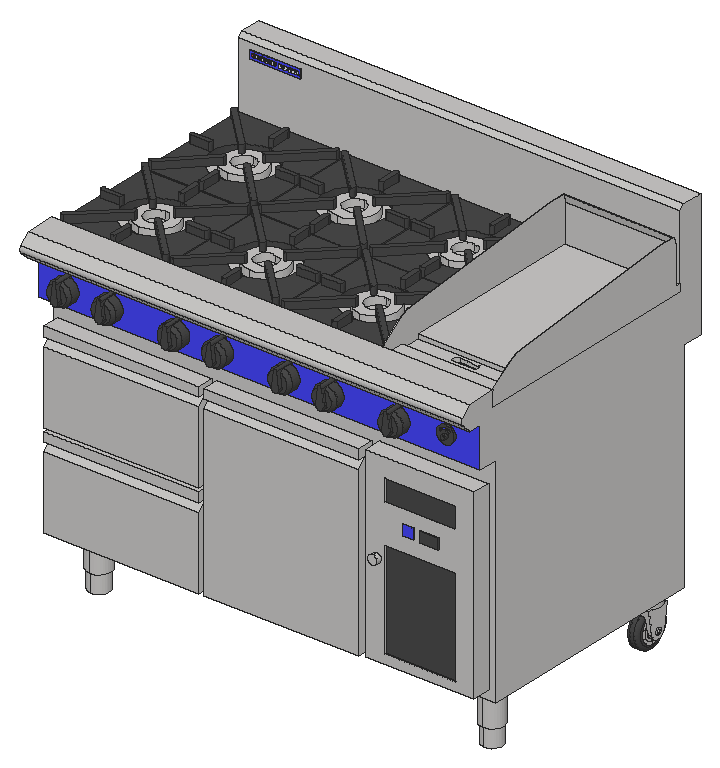
Revit family "QF_MOFFAT_BLUESEAL_AU_G518C-RB", category Specialty Equipment, Revit 2012 (continued)
Definition of nested family "WALDORF LOGO_FACE BASE"
  Forms (mm)
    Extrusion 3, solid, material "QF_Finishes_White", visible <- "Show Logo"
      sketch origin (0, -33.217, 1.588) x (1, 0, 0) y (0, 1, 0)
        loop
          arc (113.363, 23.389) -> (112.897, 23.196) -> (112.704, 22.73) r 0.658
          line (112.704, 22.73) -> (112.704, 21.258)
        loop
          line (105.071, 25.919) -> (93.771, 25.919) -> (93.771, 17.163) -> (105.071, 17.163) -> (105.071, 19.063) -> (99.535, 19.063) -> (99.535, 20.437) -> (105.071, 20.437) -> (105.071, 22.278) -> (99.535, 22.278) -> (99.535, 23.587) -> (105.071, 23.587) -> (105.071, 25.919)
        loop
          line (91.104, 25.919) -> (79.541, 25.919)
          arc (79.541, 25.919) -> (78.558, 25.513) -> (78.152, 24.53) r 1.389
          line (78.152, 24.53) -> (78.152, 22.08)
          arc (78.152, 22.08) -> (78.558, 21.098) -> (79.541, 20.691) r 1.389
          line (79.541, 20.691) -> (86.346, 20.691) -> (86.346, 18.864) -> (83.266, 18.864) -> (83.266, 19.664) -> (78.152, 19.664) -> (78.152, 18.553)
          arc (78.152, 18.553) -> (78.558, 17.57) -> (79.541, 17.163) r 1.389
          line (79.541, 17.163) -> (91.063, 17.163)
          arc (91.063, 17.163) -> (92.045, 17.57) -> (92.452, 18.553) r 1.389
          line (92.452, 18.553) -> (92.452, 20.691)
          arc (92.452, 20.691) -> (92.045, 21.673) -> (91.063, 22.08) r 1.389
          line (91.063, 22.08) -> (83.266, 22.08) -> (83.266, 23.984) -> (86.346, 23.984) -> (86.346, 22.743) -> (92.452, 22.743) -> (92.452, 24.571)
          arc (92.452, 24.571) -> (92.057, 25.524) -> (91.104, 25.919) r 1.348
        loop
          line (70.705, 25.919) -> (59.405, 25.919) -> (59.405, 17.163) -> (70.705, 17.163) -> (70.705, 19.063) -> (65.169, 19.063) -> (65.169, 20.437) -> (70.705, 20.437) -> (70.705, 22.278) -> (65.169, 22.278) -> (65.169, 23.587) -> (70.705, 23.587) -> (70.705, 25.919)
        loop
          line (57.598, 25.919) -> (51.7, 25.919) -> (51.7, 20.18)
          arc (51.7, 20.18) -> (50.63, 19.11) -> (49.56, 20.18) r 1.07
          line (49.56, 20.18) -> (49.56, 25.919) -> (43.663, 25.919) -> (43.663, 19.049)
          arc (43.663, 19.049) -> (44.215, 17.716) -> (45.548, 17.163) r 1.885
          line (45.548, 17.163) -> (55.71, 17.163)
          arc (55.71, 17.163) -> (57.045, 17.716) -> (57.598, 19.051) r 1.887
          line (57.598, 19.051) -> (57.598, 25.919)
        loop
          line (31.62, 25.919) -> (31.62, 17.163) -> (43.046, 17.163) -> (43.046, 19.129) -> (37.388, 19.129) -> (37.388, 25.919) -> (31.62, 25.919)
        loop
          line (15.969, 25.919) -> (15.969, 17.163) -> (28.693, 17.163)
          arc (28.693, 17.163) -> (29.812, 17.627) -> (30.276, 18.746) r 1.582
          line (30.276, 18.746) -> (30.276, 20.447) -> (29.48, 21.243) -> (30.276, 22.039) -> (30.276, 24.332)
          arc (30.276, 24.332) -> (29.811, 25.454) -> (28.688, 25.919) r 1.587
          line (28.688, 25.919) -> (15.969, 25.919)
        loop
          line (21.449, 24.159) -> (21.449, 22.436) -> (23.862, 22.436)
          arc (23.862, 22.436) -> (24.723, 23.298) -> (23.862, 24.159) r 0.861
          line (23.862, 24.159) -> (21.449, 24.159)
        loop
          line (21.449, 20.244) -> (21.449, 18.522) -> (23.862, 18.522)
          arc (23.862, 18.522) -> (24.723, 19.383) -> (23.862, 20.244) r 0.861
          line (23.862, 20.244) -> (21.449, 20.244)
      from 0 to 0.2
    Extrusion 4, solid, material "QF_Finishes_Blue", visible <- "Show Logo"
      sketch origin (-126.498, -31.09, 1.588) x (1, 0, 0) y (0, 1, 0)
        loop
          line (136.738, 23.522) -> (136.738, 15.1)
          arc (136.738, 15.1) -> (140.756, 19.311) -> (136.738, 23.522) r 4.216
      from 0 to 0.2
    Extrusion 5, solid, material "QF_Finishes_Red", visible <- "Show Logo"
      sketch origin (146.849, -31.09, 1.588) x (-1, 0, 0) y (0, -1, 0)
        loop
          arc (136.738, -23.522) -> (140.756, -19.311) -> (136.738, -15.1) r 4.216
          line (136.738, -15.1) -> (136.738, -23.522)
      from 0 to 0.2
  Lines and regions (mm)
    Split face 1
      outline origin (-90.35, -30.793, 1.588) x (1, 0, 0) y (0, 1, 0)
        loop
          circle (100.54, 19.013) r 4.536
  Dimensions and locks
    aligned and locked: plane 2 to Extrusion 1
    aligned and locked: level to Extrusion 1
Definition of nested family "GAS BURNER 900 & GRIDDLE 300"
  Parameters (values of type "GAS BURNER 900 & GRIDDLE 300")
    Width [instance] = 1200.0 mm
    Weight in Pounds = 0
    URL Cutsheet = ""
    Type Mark [instance] = ""
    Status [instance] = ""
    Specification by User [instance] = ""
    Specification by Manufacturer = ""
    Serial Number = ""
    Seismic Rating = ""
    SMACNA No = ""
    Revision Code [instance] = ""
    Omniclass Number and Title = ""
    NAFEM Spec ID Number = ""
    Masterspec = ""
    Item Number [instance] = ""
    Installed By [instance] = ""
    Identify Quantity as Lot [instance] = yes
    Furnished By [instance] = ""
    Foodservice Equipment Identifier [instance] = yes
    Depth [instance] = 635.0 mm
    CSI MasterFormat = ""
    CSI Master Format = ""
  Reference planes
    plane 1 "BACK": y = 0
    plane 2: z = 0
    plane 3 "LEFT": x = 0
    plane 4 "RIGHT": x = 1200
    plane 5 "FRONT": y = -635
    plane 6 "TOP": z = 142.5
    plane 7 "Center Y": x = 600
    plane 8 "Center X": y = -317.5
  Dimensions and locks
    equal spacing: plane 3 "LEFT", plane 7 "Center Y", plane 4 "RIGHT"
    "Width": plane 3 "LEFT" to plane 4 "RIGHT"
    equal spacing: plane 5 "FRONT", plane 8 "Center X", plane 1 "BACK"
    "Depth": plane 5 "FRONT" to plane 1 "BACK"
    aligned and locked: level to plane 2
  Nested families
    nested 1: "GAS BURNER 900" at (-1, 0, 0), type "GAS BURNER 900"
      with Width 900.0 mm, Type Mark "", Status "", Specification by User "", Revision Code "", Item Number "", Installed By "", Identify Quantity as Lot yes, Furnished By "", Foodservice Equipment Identifier yes, Depth 635.0 mm
    nested 2: "GAS GRIDDLE PLATE 600" at (900, -15, 0), type "GAS GRIDDLE PLATE 600"
      with Width 300.0 mm, Type Mark "", Status "", Specification by User "", Revision Code "", Item Number "", Installed By "", Identify Quantity as Lot yes, Furnished By "", Foodservice Equipment Identifier yes, Depth 620.0 mm
  Definition of nested family "GAS BURNER 900"
    Parameters (values of type "GAS BURNER 900")
      Width [instance] = 900.0 mm
      Weight in Pounds = 0
      URL Cutsheet = ""
      Type Mark [instance] = ""
      Status [instance] = ""
      Specification by User [instance] = ""
      Specification by Manufacturer = ""
      Serial Number = ""
      Seismic Rating = ""
      SMACNA No = ""
      Revision Code [instance] = ""
      Omniclass Number and Title = ""
      NAFEM Spec ID Number = ""
      Masterspec = ""
      Item Number [instance] = ""
      Installed By [instance] = ""
      Identify Quantity as Lot [instance] = yes
      Furnished By [instance] = ""
      Foodservice Equipment Identifier [instance] = yes
      Depth [instance] = 635.0 mm
      CSI MasterFormat = ""
      CSI Master Format = ""
    Reference planes
      plane 1 "BACK": y = 0
      plane 2: z = 0
      plane 3 "LEFT": x = 0
      plane 4 "RIGHT": x = 900
      plane 5 "FRONT": y = -635
      plane 6 "TOP": z = 142.5
      plane 7 "Center Y": x = 450
      plane 8 "Center X": y = -317.5
    Forms (mm)
      Extrusion 1, solid, material "QF_Finishes_Black"
        sketch origin (0, 0, 0) x (0, -1, 0) y (1, 0, 0)
          loop
            line (318.5, 4) -> (318.5, 296)
            arc (318.5, 296) -> (317.621, 298.121) -> (315.5, 299) r 3
            line (315.5, 299) -> (3, 299)
            arc (3, 299) -> (0.879, 298.121) -> (0, 296) r 3
            line (0, 296) -> (0, 4)
            arc (0, 4) -> (0.879, 1.879) -> (3, 1) r 3
            line (3, 1) -> (315.5, 1)
            arc (315.5, 1) -> (317.621, 1.879) -> (318.5, 4) r 3
          loop
            line (324.5, 1) -> (632, 1)
            arc (632, 1) -> (634.121, 1.879) -> (635, 4) r 3
            line (635, 4) -> (635, 296)
            arc (635, 296) -> (634.121, 298.121) -> (632, 299) r 3
            line (632, 299) -> (324.5, 299)
            arc (324.5, 299) -> (322.379, 298.121) -> (321.5, 296) r 3
            line (321.5, 296) -> (321.5, 4)
            arc (321.5, 4) -> (322.379, 1.879) -> (324.5, 1) r 3
          loop
            circle (168.5, 149.991) r 84.082
          loop
            circle (468.5, 149.991) r 84.082
        from 0 to 19.5
      Extrusion 2, solid, material "QF_Finishes_Black"
        sketch origin (0, 0, 19.5) x (0, -1, 0) y (1, 0, 0)
          loop
            spline (326.102, 15.153) -> (325.181, 13.924) -> (324.631, 12.47) -> (324.49, 10.89) -> (324.767, 9.292) -> (325.443, 7.786) -> (326.473, 6.473) -> (327.786, 5.443) -> (329.292, 4.767) -> (330.89, 4.49) -> (332.47, 4.631) -> (333.924, 5.181) -> (335.153, 6.102)
            line (335.153, 6.102) -> (443.076, 114.025)
            spline (443.076, 114.025) -> (443.837, 115.095) -> (444.238, 116.399) -> (444.251, 117.851) -> (443.875, 119.35) -> (443.137, 120.795) -> (442.086, 122.086) -> (440.795, 123.137) -> (439.35, 123.875) -> (437.851, 124.251) -> (436.399, 124.238) -> (435.095, 123.837) -> (434.025, 123.076)
            line (434.025, 123.076) -> (326.102, 15.153)
          loop
            spline (328.898, 156.4) -> (327.604, 156.182) -> (326.398, 155.543) -> (325.362, 154.525) -> (324.568, 153.2) -> (324.068, 151.656) -> (323.898, 150) -> (324.068, 148.344) -> (324.568, 146.8) -> (325.362, 145.475) -> (326.398, 144.457) -> (327.604, 143.818) -> (328.898, 143.6)
            line (328.898, 143.6) -> (378.102, 143.6)
            spline (378.102, 143.6) -> (379.396, 143.818) -> (380.602, 144.457) -> (381.638, 145.475) -> (382.432, 146.8) -> (382.932, 148.344) -> (383.102, 150) -> (382.932, 151.656) -> (382.432, 153.2) -> (381.638, 154.525) -> (380.602, 155.543) -> (379.396, 156.182) -> (378.102, 156.4)
            line (378.102, 156.4) -> (328.898, 156.4)
          loop
            spline (335.153, 293.898) -> (334.084, 294.659) -> (332.779, 295.059) -> (331.328, 295.072) -> (329.829, 294.697) -> (328.384, 293.959) -> (327.092, 292.908) -> (326.041, 291.616) -> (325.303, 290.171) -> (324.928, 288.672) -> (324.941, 287.221) -> (325.341, 285.916) -> (326.102, 284.847)
            line (326.102, 284.847) -> (434.025, 176.924)
            spline (434.025, 176.924) -> (435.095, 176.163) -> (436.399, 175.762) -> (437.851, 175.749) -> (439.35, 176.125) -> (440.795, 176.863) -> (442.086, 177.914) -> (443.137, 179.205) -> (443.875, 180.65) -> (444.251, 182.149) -> (444.238, 183.601) -> (443.837, 184.905) -> (443.076, 185.975)
            line (443.076, 185.975) -> (335.153, 293.898)
          loop
            line (463.6, 291.102) -> (463.6, 241.898)
            spline (463.6, 241.898) -> (463.818, 240.604) -> (464.457, 239.398) -> (465.475, 238.362) -> (466.8, 237.568) -> (468.344, 237.068) -> (470, 236.898) -> (471.656, 237.068) -> (473.2, 237.568) -> (474.525, 238.362) -> (475.543, 239.398) -> (476.182, 240.604) -> (476.4, 241.898)
            line (476.4, 241.898) -> (476.4, 291.102)
            spline (476.4, 291.102) -> (476.182, 292.396) -> (475.543, 293.602) -> (474.525, 294.638) -> (473.2, 295.432) -> (471.656, 295.932) -> (470, 296.102) -> (468.344, 295.932) -> (466.8, 295.432) -> (465.475, 294.638) -> (464.457, 293.602) -> (463.818, 292.396) -> (463.6, 291.102)
          loop
            spline (612.398, 284.847) -> (613.159, 285.916) -> (613.559, 287.221) -> (613.572, 288.672) -> (613.197, 290.171) -> (612.459, 291.616) -> (611.408, 292.908) -> (610.116, 293.959) -> (608.671, 294.697) -> (607.172, 295.072) -> (605.721, 295.059) -> (604.416, 294.659) -> (603.347, 293.898)
            line (603.347, 293.898) -> (496.924, 185.975)
            spline (496.924, 185.975) -> (496.163, 184.905) -> (495.762, 183.601) -> (495.749, 182.149) -> (496.125, 180.65) -> (496.863, 179.205) -> (497.914, 177.914) -> (499.205, 176.863) -> (500.65, 176.125) -> (502.149, 175.749) -> (503.601, 175.762) -> (504.905, 176.163) -> (505.975, 176.924)
            line (505.975, 176.924) -> (612.398, 284.847)
          loop
            spline (609.602, 143.6) -> (610.896, 143.818) -> (612.102, 144.457) -> (613.138, 145.475) -> (613.932, 146.8) -> (614.432, 148.344) -> (614.602, 150) -> (614.432, 151.656) -> (613.932, 153.2) -> (613.138, 154.525) -> (612.102, 155.543) -> (610.896, 156.182) -> (609.602, 156.4)
            line (609.602, 156.4) -> (561.898, 156.4)
            spline (561.898, 156.4) -> (560.604, 156.182) -> (559.398, 155.543) -> (558.362, 154.525) -> (557.568, 153.2) -> (557.068, 151.656) -> (556.898, 150) -> (557.068, 148.344) -> (557.568, 146.8) -> (558.362, 145.475) -> (559.398, 144.457) -> (560.604, 143.818) -> (561.898, 143.6)
            line (561.898, 143.6) -> (609.602, 143.6)
          loop
            line (612.398, 15.153) -> (505.975, 123.076)
            spline (505.975, 123.076) -> (504.905, 123.837) -> (503.601, 124.238) -> (502.149, 124.251) -> (500.65, 123.875) -> (499.205, 123.137) -> (497.914, 122.086) -> (496.863, 120.795) -> (496.125, 119.35) -> (495.749, 117.851) -> (495.762, 116.399) -> (496.163, 115.095) -> (496.924, 114.025)
            line (496.924, 114.025) -> (603.347, 6.102)
            spline (603.347, 6.102) -> (604.416, 5.341) -> (605.721, 4.941) -> (607.172, 4.928) -> (608.671, 5.303) -> (610.116, 6.041) -> (611.408, 7.092) -> (612.459, 8.384) -> (613.197, 9.829) -> (613.572, 11.328) -> (613.559, 12.779) -> (613.159, 14.084) -> (612.398, 15.153)
          loop
            line (476.4, 8.898) -> (476.4, 58.102)
            spline (476.4, 58.102) -> (476.182, 59.396) -> (475.543, 60.602) -> (474.525, 61.638) -> (473.2, 62.432) -> (471.656, 62.932) -> (470, 63.102) -> (468.344, 62.932) -> (466.8, 62.432) -> (465.475, 61.638) -> (464.457, 60.602) -> (463.818, 59.396) -> (463.6, 58.102)
            line (463.6, 58.102) -> (463.6, 8.898)
            spline (463.6, 8.898) -> (463.818, 7.604) -> (464.457, 6.398) -> (465.475, 5.362) -> (466.8, 4.568) -> (468.344, 4.068) -> (470, 3.898) -> (471.656, 4.068) -> (473.2, 4.568) -> (474.525, 5.362) -> (475.543, 6.398) -> (476.182, 7.604) -> (476.4, 8.898)
          loop
            spline (22.602, 15.153) -> (21.681, 13.924) -> (21.131, 12.47) -> (20.99, 10.89) -> (21.267, 9.292) -> (21.943, 7.786) -> (22.973, 6.473) -> (24.286, 5.443) -> (25.792, 4.767) -> (27.39, 4.49) -> (28.97, 4.631) -> (30.424, 5.181) -> (31.653, 6.102)
            line (31.653, 6.102) -> (139.576, 114.025)
            spline (139.576, 114.025) -> (140.337, 115.095) -> (140.738, 116.399) -> (140.751, 117.851) -> (140.375, 119.35) -> (139.637, 120.795) -> (138.586, 122.086) -> (137.295, 123.137) -> (135.85, 123.875) -> (134.351, 124.251) -> (132.899, 124.238) -> (131.595, 123.837) -> (130.525, 123.076)
            line (130.525, 123.076) -> (22.602, 15.153)
          loop
            spline (25.398, 156.4) -> (24.104, 156.182) -> (22.898, 155.543) -> (21.862, 154.525) -> (21.068, 153.2) -> (20.568, 151.656) -> (20.398, 150) -> (20.568, 148.344) -> (21.068, 146.8) -> (21.862, 145.475) -> (22.898, 144.457) -> (24.104, 143.818) -> (25.398, 143.6)
            line (25.398, 143.6) -> (74.602, 143.6)
            spline (74.602, 143.6) -> (75.896, 143.818) -> (77.102, 144.457) -> (78.138, 145.475) -> (78.932, 146.8) -> (79.432, 148.344) -> (79.602, 150) -> (79.432, 151.656) -> (78.932, 153.2) -> (78.138, 154.525) -> (77.102, 155.543) -> (75.896, 156.182) -> (74.602, 156.4)
            line (74.602, 156.4) -> (25.398, 156.4)
          loop
            spline (31.653, 293.898) -> (30.584, 294.659) -> (29.279, 295.059) -> (27.828, 295.072) -> (26.329, 294.697) -> (24.884, 293.959) -> (23.592, 292.908) -> (22.541, 291.616) -> (21.803, 290.171) -> (21.428, 288.672) -> (21.441, 287.221) -> (21.841, 285.916) -> (22.602, 284.847)
            line (22.602, 284.847) -> (130.525, 176.924)
            spline (130.525, 176.924) -> (131.595, 176.163) -> (132.899, 175.762) -> (134.351, 175.749) -> (135.85, 176.125) -> (137.295, 176.863) -> (138.586, 177.914) -> (139.637, 179.205) -> (140.375, 180.65) -> (140.751, 182.149) -> (140.738, 183.601) -> (140.337, 184.905) -> (139.576, 185.975)
            line (139.576, 185.975) -> (31.653, 293.898)
          loop
            line (160.1, 291.102) -> (160.1, 241.898)
            spline (160.1, 241.898) -> (160.318, 240.604) -> (160.957, 239.398) -> (161.975, 238.362) -> (163.3, 237.568) -> (164.844, 237.068) -> (166.5, 236.898) -> (168.156, 237.068) -> (169.7, 237.568) -> (171.025, 238.362) -> (172.043, 239.398) -> (172.682, 240.604) -> (172.9, 241.898)
            line (172.9, 241.898) -> (172.9, 291.102)
            spline (172.9, 291.102) -> (172.682, 292.396) -> (172.043, 293.602) -> (171.025, 294.638) -> (169.7, 295.432) -> (168.156, 295.932) -> (166.5, 296.102) -> (164.844, 295.932) -> (163.3, 295.432) -> (161.975, 294.638) -> (160.957, 293.602) -> (160.318, 292.396) -> (160.1, 291.102)
          loop
            spline (313.898, 284.847) -> (314.659, 285.916) -> (315.059, 287.221) -> (315.072, 288.672) -> (314.697, 290.171) -> (313.959, 291.616) -> (312.908, 292.908) -> (311.616, 293.959) -> (310.171, 294.697) -> (308.672, 295.072) -> (307.221, 295.059) -> (305.916, 294.659) -> (304.847, 293.898)
            line (304.847, 293.898) -> (193.424, 185.975)
            spline (193.424, 185.975) -> (192.663, 184.905) -> (192.262, 183.601) -> (192.249, 182.149) -> (192.625, 180.65) -> (193.363, 179.205) -> (194.414, 177.914) -> (195.705, 176.863) -> (197.15, 176.125) -> (198.649, 175.749) -> (200.101, 175.762) -> (201.405, 176.163) -> (202.475, 176.924)
            line (202.475, 176.924) -> (313.898, 284.847)
          loop
            spline (311.102, 143.6) -> (312.396, 143.818) -> (313.602, 144.457) -> (314.638, 145.475) -> (315.432, 146.8) -> (315.932, 148.344) -> (316.102, 150) -> (315.932, 151.656) -> (315.432, 153.2) -> (314.638, 154.525) -> (313.602, 155.543) -> (312.396, 156.182) -> (311.102, 156.4)
            line (311.102, 156.4) -> (261.898, 156.4)
            spline (261.898, 156.4) -> (260.604, 156.182) -> (259.398, 155.543) -> (258.362, 154.525) -> (257.568, 153.2) -> (257.068, 151.656) -> (256.898, 150) -> (257.068, 148.344) -> (257.568, 146.8) -> (258.362, 145.475) -> (259.398, 144.457) -> (260.604, 143.818) -> (261.898, 143.6)
            line (261.898, 143.6) -> (311.102, 143.6)
          loop
            line (313.898, 15.153) -> (202.475, 123.076)
            spline (202.475, 123.076) -> (201.405, 123.837) -> (200.101, 124.238) -> (198.649, 124.251) -> (197.15, 123.875) -> (195.705, 123.137) -> (194.414, 122.086) -> (193.363, 120.795) -> (192.625, 119.35) -> (192.249, 117.851) -> (192.262, 116.399) -> (192.663, 115.095) -> (193.424, 114.025)
            line (193.424, 114.025) -> (304.847, 6.102)
            spline (304.847, 6.102) -> (305.916, 5.341) -> (307.221, 4.941) -> (308.672, 4.928) -> (310.171, 5.303) -> (311.616, 6.041) -> (312.908, 7.092) -> (313.959, 8.384) -> (314.697, 9.829) -> (315.072, 11.328) -> (315.059, 12.779) -> (314.659, 14.084) -> (313.898, 15.153)
          loop
            line (172.9, 8.898) -> (172.9, 58.102)
            spline (172.9, 58.102) -> (172.682, 59.396) -> (172.043, 60.602) -> (171.025, 61.638) -> (169.7, 62.432) -> (168.156, 62.932) -> (166.5, 63.102) -> (164.844, 62.932) -> (163.3, 62.432) -> (161.975, 61.638) -> (160.957, 60.602) -> (160.318, 59.396) -> (160.1, 58.102)
            line (160.1, 58.102) -> (160.1, 8.898)
            spline (160.1, 8.898) -> (160.318, 7.604) -> (160.957, 6.398) -> (161.975, 5.362) -> (163.3, 4.568) -> (164.844, 4.068) -> (166.5, 3.898) -> (168.156, 4.068) -> (169.7, 4.568) -> (171.025, 5.362) -> (172.043, 6.398) -> (172.682, 7.604) -> (172.9, 8.898)
        from 0 to 20.5
      Extrusion 3, solid, material "QF_Finishes_Stainless Steel"
        sketch origin (0, -15.098, 0) x (0, -1, 0) y (1, 0, 0)
          loop
            circle (151.402, 150) r 57
          loop
            circle (451.402, 150) r 57
          loop
            circle (151.402, 150) r 30
          loop
            circle (451.402, 150) r 30
        from 0 to 20
      Extrusion 4, solid, material "QF_Finishes_Black"
        sketch origin (600, 0, 0) x (0, -1, 0) y (1, 0, 0)
          loop
            arc (318.5, -4) -> (317.621, -1.879) -> (315.5, -1) r 3
            line (315.5, -1) -> (3, -1)
            arc (3, -1) -> (0.879, -1.879) -> (0, -4) r 3
            line (0, -4) -> (0, -296)
            arc (0, -296) -> (0.879, -298.121) -> (3, -299) r 3
            line (3, -299) -> (315.5, -299)
            arc (315.5, -299) -> (317.621, -298.121) -> (318.5, -296) r 3
            line (318.5, -296) -> (318.5, -4)
          loop
            arc (324.5, -1) -> (322.379, -1.879) -> (321.5, -4) r 3
            line (321.5, -4) -> (321.5, -296)
            arc (321.5, -296) -> (322.379, -298.121) -> (324.5, -299) r 3
            line (324.5, -299) -> (632, -299)
            arc (632, -299) -> (634.121, -298.121) -> (635, -296) r 3
            line (635, -296) -> (635, -4)
            arc (635, -4) -> (634.121, -1.879) -> (632, -1) r 3
            line (632, -1) -> (324.5, -1)
          loop
            circle (168.5, -149.991) r 84.082
          loop
            circle (468.5, -149.991) r 84.082
        from 0 to 19.5
      Extrusion 5, solid, material "QF_Finishes_Black"
        sketch origin (600, 0, 19.5) x (0, -1, 0) y (1, 0, 0)
          loop
            line (326.102, -15.153) -> (434.025, -123.076)
            spline (434.025, -123.076) -> (435.095, -123.837) -> (436.399, -124.238) -> (437.851, -124.251) -> (439.35, -123.875) -> (440.795, -123.137) -> (442.086, -122.086) -> (443.137, -120.795) -> (443.875, -119.35) -> (444.251, -117.851) -> (444.238, -116.399) -> (443.837, -115.095) -> (443.076, -114.025)
            line (443.076, -114.025) -> (335.153, -6.102)
            spline (335.153, -6.102) -> (333.924, -5.181) -> (332.47, -4.631) -> (330.89, -4.49) -> (329.292, -4.767) -> (327.786, -5.443) -> (326.473, -6.473) -> (325.443, -7.786) -> (324.767, -9.292) -> (324.49, -10.89) -> (324.631, -12.47) -> (325.181, -13.924) -> (326.102, -15.153)
          loop
            line (328.898, -156.4) -> (378.102, -156.4)
            spline (378.102, -156.4) -> (379.396, -156.182) -> (380.602, -155.543) -> (381.638, -154.525) -> (382.432, -153.2) -> (382.932, -151.656) -> (383.102, -150) -> (382.932, -148.344) -> (382.432, -146.8) -> (381.638, -145.475) -> (380.602, -144.457) -> (379.396, -143.818) -> (378.102, -143.6)
            line (378.102, -143.6) -> (328.898, -143.6)
            spline (328.898, -143.6) -> (327.604, -143.818) -> (326.398, -144.457) -> (325.362, -145.475) -> (324.568, -146.8) -> (324.068, -148.344) -> (323.898, -150) -> (324.068, -151.656) -> (324.568, -153.2) -> (325.362, -154.525) -> (326.398, -155.543) -> (327.604, -156.182) -> (328.898, -156.4)
          loop
            line (335.153, -293.898) -> (443.076, -185.975)
            spline (443.076, -185.975) -> (443.837, -184.905) -> (444.238, -183.601) -> (444.251, -182.149) -> (443.875, -180.65) -> (443.137, -179.205) -> (442.086, -177.914) -> (440.795, -176.863) -> (439.35, -176.125) -> (437.851, -175.749) -> (436.399, -175.762) -> (435.095, -176.163) -> (434.025, -176.924)
            line (434.025, -176.924) -> (326.102, -284.847)
            spline (326.102, -284.847) -> (325.341, -285.916) -> (324.941, -287.221) -> (324.928, -288.672) -> (325.303, -290.171) -> (326.041, -291.616) -> (327.092, -292.908) -> (328.384, -293.959) -> (329.829, -294.697) -> (331.328, -295.072) -> (332.779, -295.059) -> (334.084, -294.659) -> (335.153, -293.898)
          loop
            spline (463.6, -291.102) -> (463.818, -292.396) -> (464.457, -293.602) -> (465.475, -294.638) -> (466.8, -295.432) -> (468.344, -295.932) -> (470, -296.102) -> (471.656, -295.932) -> (473.2, -295.432) -> (474.525, -294.638) -> (475.543, -293.602) -> (476.182, -292.396) -> (476.4, -291.102)
            line (476.4, -291.102) -> (476.4, -241.898)
            spline (476.4, -241.898) -> (476.182, -240.604) -> (475.543, -239.398) -> (474.525, -238.362) -> (473.2, -237.568) -> (471.656, -237.068) -> (470, -236.898) -> (468.344, -237.068) -> (466.8, -237.568) -> (465.475, -238.362) -> (464.457, -239.398) -> (463.818, -240.604) -> (463.6, -241.898)
            line (463.6, -241.898) -> (463.6, -291.102)
          loop
            line (612.398, -284.847) -> (505.975, -176.924)
            spline (505.975, -176.924) -> (504.905, -176.163) -> (503.601, -175.762) -> (502.149, -175.749) -> (500.65, -176.125) -> (499.205, -176.863) -> (497.914, -177.914) -> (496.863, -179.205) -> (496.125, -180.65) -> (495.749, -182.149) -> (495.762, -183.601) -> (496.163, -184.905) -> (496.924, -185.975)
            line (496.924, -185.975) -> (603.347, -293.898)
            spline (603.347, -293.898) -> (604.416, -294.659) -> (605.721, -295.059) -> (607.172, -295.072) -> (608.671, -294.697) -> (610.116, -293.959) -> (611.408, -292.908) -> (612.459, -291.616) -> (613.197, -290.171) -> (613.572, -288.672) -> (613.559, -287.221) -> (613.159, -285.916) -> (612.398, -284.847)
          loop
            line (609.602, -143.6) -> (561.898, -143.6)
            spline (561.898, -143.6) -> (560.604, -143.818) -> (559.398, -144.457) -> (558.362, -145.475) -> (557.568, -146.8) -> (557.068, -148.344) -> (556.898, -150) -> (557.068, -151.656) -> (557.568, -153.2) -> (558.362, -154.525) -> (559.398, -155.543) -> (560.604, -156.182) -> (561.898, -156.4)
            line (561.898, -156.4) -> (609.602, -156.4)
            spline (609.602, -156.4) -> (610.896, -156.182) -> (612.102, -155.543) -> (613.138, -154.525) -> (613.932, -153.2) -> (614.432, -151.656) -> (614.602, -150) -> (614.432, -148.344) -> (613.932, -146.8) -> (613.138, -145.475) -> (612.102, -144.457) -> (610.896, -143.818) -> (609.602, -143.6)
          loop
            spline (612.398, -15.153) -> (613.159, -14.084) -> (613.559, -12.779) -> (613.572, -11.328) -> (613.197, -9.829) -> (612.459, -8.384) -> (611.408, -7.092) -> (610.116, -6.041) -> (608.671, -5.303) -> (607.172, -4.928) -> (605.721, -4.941) -> (604.416, -5.341) -> (603.347, -6.102)
            line (603.347, -6.102) -> (496.924, -114.025)
            spline (496.924, -114.025) -> (496.163, -115.095) -> (495.762, -116.399) -> (495.749, -117.851) -> (496.125, -119.35) -> (496.863, -120.795) -> (497.914, -122.086) -> (499.205, -123.137) -> (500.65, -123.875) -> (502.149, -124.251) -> (503.601, -124.238) -> (504.905, -123.837) -> (505.975, -123.076)
            line (505.975, -123.076) -> (612.398, -15.153)
          loop
            spline (476.4, -8.898) -> (476.182, -7.604) -> (475.543, -6.398) -> (474.525, -5.362) -> (473.2, -4.568) -> (471.656, -4.068) -> (470, -3.898) -> (468.344, -4.068) -> (466.8, -4.568) -> (465.475, -5.362) -> (464.457, -6.398) -> (463.818, -7.604) -> (463.6, -8.898)
            line (463.6, -8.898) -> (463.6, -58.102)
            spline (463.6, -58.102) -> (463.818, -59.396) -> (464.457, -60.602) -> (465.475, -61.638) -> (466.8, -62.432) -> (468.344, -62.932) -> (470, -63.102) -> (471.656, -62.932) -> (473.2, -62.432) -> (474.525, -61.638) -> (475.543, -60.602) -> (476.182, -59.396) -> (476.4, -58.102)
            line (476.4, -58.102) -> (476.4, -8.898)
          loop
            line (22.602, -15.153) -> (130.525, -123.076)
            spline (130.525, -123.076) -> (131.595, -123.837) -> (132.899, -124.238) -> (134.351, -124.251) -> (135.85, -123.875) -> (137.295, -123.137) -> (138.586, -122.086) -> (139.637, -120.795) -> (140.375, -119.35) -> (140.751, -117.851) -> (140.738, -116.399) -> (140.337, -115.095) -> (139.576, -114.025)
            line (139.576, -114.025) -> (31.653, -6.102)
            spline (31.653, -6.102) -> (30.424, -5.181) -> (28.97, -4.631) -> (27.39, -4.49) -> (25.792, -4.767) -> (24.286, -5.443) -> (22.973, -6.473) -> (21.943, -7.786) -> (21.267, -9.292) -> (20.99, -10.89) -> (21.131, -12.47) -> (21.681, -13.924) -> (22.602, -15.153)
          loop
            line (25.398, -156.4) -> (74.602, -156.4)
            spline (74.602, -156.4) -> (75.896, -156.182) -> (77.102, -155.543) -> (78.138, -154.525) -> (78.932, -153.2) -> (79.432, -151.656) -> (79.602, -150) -> (79.432, -148.344) -> (78.932, -146.8) -> (78.138, -145.475) -> (77.102, -144.457) -> (75.896, -143.818) -> (74.602, -143.6)
            line (74.602, -143.6) -> (25.398, -143.6)
            spline (25.398, -143.6) -> (24.104, -143.818) -> (22.898, -144.457) -> (21.862, -145.475) -> (21.068, -146.8) -> (20.568, -148.344) -> (20.398, -150) -> (20.568, -151.656) -> (21.068, -153.2) -> (21.862, -154.525) -> (22.898, -155.543) -> (24.104, -156.182) -> (25.398, -156.4)
          loop
            line (31.653, -293.898) -> (139.576, -185.975)
            spline (139.576, -185.975) -> (140.337, -184.905) -> (140.738, -183.601) -> (140.751, -182.149) -> (140.375, -180.65) -> (139.637, -179.205) -> (138.586, -177.914) -> (137.295, -176.863) -> (135.85, -176.125) -> (134.351, -175.749) -> (132.899, -175.762) -> (131.595, -176.163) -> (130.525, -176.924)
            line (130.525, -176.924) -> (22.602, -284.847)
            spline (22.602, -284.847) -> (21.841, -285.916) -> (21.441, -287.221) -> (21.428, -288.672) -> (21.803, -290.171) -> (22.541, -291.616) -> (23.592, -292.908) -> (24.884, -293.959) -> (26.329, -294.697) -> (27.828, -295.072) -> (29.279, -295.059) -> (30.584, -294.659) -> (31.653, -293.898)
          loop
            spline (160.1, -291.102) -> (160.318, -292.396) -> (160.957, -293.602) -> (161.975, -294.638) -> (163.3, -295.432) -> (164.844, -295.932) -> (166.5, -296.102) -> (168.156, -295.932) -> (169.7, -295.432) -> (171.025, -294.638) -> (172.043, -293.602) -> (172.682, -292.396) -> (172.9, -291.102)
            line (172.9, -291.102) -> (172.9, -241.898)
            spline (172.9, -241.898) -> (172.682, -240.604) -> (172.043, -239.398) -> (171.025, -238.362) -> (169.7, -237.568) -> (168.156, -237.068) -> (166.5, -236.898) -> (164.844, -237.068) -> (163.3, -237.568) -> (161.975, -238.362) -> (160.957, -239.398) -> (160.318, -240.604) -> (160.1, -241.898)
            line (160.1, -241.898) -> (160.1, -291.102)
          loop
            line (313.898, -284.847) -> (202.475, -176.924)
            spline (202.475, -176.924) -> (201.405, -176.163) -> (200.101, -175.762) -> (198.649, -175.749) -> (197.15, -176.125) -> (195.705, -176.863) -> (194.414, -177.914) -> (193.363, -179.205) -> (192.625, -180.65) -> (192.249, -182.149) -> (192.262, -183.601) -> (192.663, -184.905) -> (193.424, -185.975)
            line (193.424, -185.975) -> (304.847, -293.898)
            spline (304.847, -293.898) -> (305.916, -294.659) -> (307.221, -295.059) -> (308.672, -295.072) -> (310.171, -294.697) -> (311.616, -293.959) -> (312.908, -292.908) -> (313.959, -291.616) -> (314.697, -290.171) -> (315.072, -288.672) -> (315.059, -287.221) -> (314.659, -285.916) -> (313.898, -284.847)
          loop
            line (311.102, -143.6) -> (261.898, -143.6)
            spline (261.898, -143.6) -> (260.604, -143.818) -> (259.398, -144.457) -> (258.362, -145.475) -> (257.568, -146.8) -> (257.068, -148.344) -> (256.898, -150) -> (257.068, -151.656) -> (257.568, -153.2) -> (258.362, -154.525) -> (259.398, -155.543) -> (260.604, -156.182) -> (261.898, -156.4)
            line (261.898, -156.4) -> (311.102, -156.4)
            spline (311.102, -156.4) -> (312.396, -156.182) -> (313.602, -155.543) -> (314.638, -154.525) -> (315.432, -153.2) -> (315.932, -151.656) -> (316.102, -150) -> (315.932, -148.344) -> (315.432, -146.8) -> (314.638, -145.475) -> (313.602, -144.457) -> (312.396, -143.818) -> (311.102, -143.6)
          loop
            spline (313.898, -15.153) -> (314.659, -14.084) -> (315.059, -12.779) -> (315.072, -11.328) -> (314.697, -9.829) -> (313.959, -8.384) -> (312.908, -7.092) -> (311.616, -6.041) -> (310.171, -5.303) -> (308.672, -4.928) -> (307.221, -4.941) -> (305.916, -5.341) -> (304.847, -6.102)
            line (304.847, -6.102) -> (193.424, -114.025)
            spline (193.424, -114.025) -> (192.663, -115.095) -> (192.262, -116.399) -> (192.249, -117.851) -> (192.625, -119.35) -> (193.363, -120.795) -> (194.414, -122.086) -> (195.705, -123.137) -> (197.15, -123.875) -> (198.649, -124.251) -> (200.101, -124.238) -> (201.405, -123.837) -> (202.475, -123.076)
            line (202.475, -123.076) -> (313.898, -15.153)
          loop
            spline (172.9, -8.898) -> (172.682, -7.604) -> (172.043, -6.398) -> (171.025, -5.362) -> (169.7, -4.568) -> (168.156, -4.068) -> (166.5, -3.898) -> (164.844, -4.068) -> (163.3, -4.568) -> (161.975, -5.362) -> (160.957, -6.398) -> (160.318, -7.604) -> (160.1, -8.898)
            line (160.1, -8.898) -> (160.1, -58.102)
            spline (160.1, -58.102) -> (160.318, -59.396) -> (160.957, -60.602) -> (161.975, -61.638) -> (163.3, -62.432) -> (164.844, -62.932) -> (166.5, -63.102) -> (168.156, -62.932) -> (169.7, -62.432) -> (171.025, -61.638) -> (172.043, -60.602) -> (172.682, -59.396) -> (172.9, -58.102)
            line (172.9, -58.102) -> (172.9, -8.898)
        from 0 to 20.5
      Extrusion 6, solid, material "QF_Finishes_Stainless Steel"
        sketch origin (600, -15.098, 0) x (0, -1, 0) y (1, 0, 0)
          loop
            circle (151.402, -150) r 57
          loop
            circle (451.402, -150) r 57
          loop
            circle (151.402, -150) r 30
          loop
            circle (451.402, -150) r 30
        from 0 to 20
      Extrusion 7, solid, material "QF_Finishes_Black"
        sketch origin (901, 0, 19.5) x (0, -1, 0) y (1, 0, 0)
          loop
            line (326.102, -15.153) -> (434.025, -123.076)
            spline (434.025, -123.076) -> (435.095, -123.837) -> (436.399, -124.238) -> (437.851, -124.251) -> (439.35, -123.875) -> (440.795, -123.137) -> (442.086, -122.086) -> (443.137, -120.795) -> (443.875, -119.35) -> (444.251, -117.851) -> (444.238, -116.399) -> (443.837, -115.095) -> (443.076, -114.025)
            line (443.076, -114.025) -> (335.153, -6.102)
            spline (335.153, -6.102) -> (333.924, -5.181) -> (332.47, -4.631) -> (330.89, -4.49) -> (329.292, -4.767) -> (327.786, -5.443) -> (326.473, -6.473) -> (325.443, -7.786) -> (324.767, -9.292) -> (324.49, -10.89) -> (324.631, -12.47) -> (325.181, -13.924) -> (326.102, -15.153)
          loop
            line (328.898, -156.4) -> (378.102, -156.4)
            spline (378.102, -156.4) -> (379.396, -156.182) -> (380.602, -155.543) -> (381.638, -154.525) -> (382.432, -153.2) -> (382.932, -151.656) -> (383.102, -150) -> (382.932, -148.344) -> (382.432, -146.8) -> (381.638, -145.475) -> (380.602, -144.457) -> (379.396, -143.818) -> (378.102, -143.6)
            line (378.102, -143.6) -> (328.898, -143.6)
            spline (328.898, -143.6) -> (327.604, -143.818) -> (326.398, -144.457) -> (325.362, -145.475) -> (324.568, -146.8) -> (324.068, -148.344) -> (323.898, -150) -> (324.068, -151.656) -> (324.568, -153.2) -> (325.362, -154.525) -> (326.398, -155.543) -> (327.604, -156.182) -> (328.898, -156.4)
          loop
            line (335.153, -293.898) -> (443.076, -185.975)
            spline (443.076, -185.975) -> (443.837, -184.905) -> (444.238, -183.601) -> (444.251, -182.149) -> (443.875, -180.65) -> (443.137, -179.205) -> (442.086, -177.914) -> (440.795, -176.863) -> (439.35, -176.125) -> (437.851, -175.749) -> (436.399, -175.762) -> (435.095, -176.163) -> (434.025, -176.924)
            line (434.025, -176.924) -> (326.102, -284.847)
            spline (326.102, -284.847) -> (325.341, -285.916) -> (324.941, -287.221) -> (324.928, -288.672) -> (325.303, -290.171) -> (326.041, -291.616) -> (327.092, -292.908) -> (328.384, -293.959) -> (329.829, -294.697) -> (331.328, -295.072) -> (332.779, -295.059) -> (334.084, -294.659) -> (335.153, -293.898)
          loop
            spline (463.6, -291.102) -> (463.818, -292.396) -> (464.457, -293.602) -> (465.475, -294.638) -> (466.8, -295.432) -> (468.344, -295.932) -> (470, -296.102) -> (471.656, -295.932) -> (473.2, -295.432) -> (474.525, -294.638) -> (475.543, -293.602) -> (476.182, -292.396) -> (476.4, -291.102)
            line (476.4, -291.102) -> (476.4, -241.898)
            spline (476.4, -241.898) -> (476.182, -240.604) -> (475.543, -239.398) -> (474.525, -238.362) -> (473.2, -237.568) -> (471.656, -237.068) -> (470, -236.898) -> (468.344, -237.068) -> (466.8, -237.568) -> (465.475, -238.362) -> (464.457, -239.398) -> (463.818, -240.604) -> (463.6, -241.898)
            line (463.6, -241.898) -> (463.6, -291.102)
          loop
            line (612.398, -284.847) -> (505.975, -176.924)
            spline (505.975, -176.924) -> (504.905, -176.163) -> (503.601, -175.762) -> (502.149, -175.749) -> (500.65, -176.125) -> (499.205, -176.863) -> (497.914, -177.914) -> (496.863, -179.205) -> (496.125, -180.65) -> (495.749, -182.149) -> (495.762, -183.601) -> (496.163, -184.905) -> (496.924, -185.975)
            line (496.924, -185.975) -> (603.347, -293.898)
            spline (603.347, -293.898) -> (604.416, -294.659) -> (605.721, -295.059) -> (607.172, -295.072) -> (608.671, -294.697) -> (610.116, -293.959) -> (611.408, -292.908) -> (612.459, -291.616) -> (613.197, -290.171) -> (613.572, -288.672) -> (613.559, -287.221) -> (613.159, -285.916) -> (612.398, -284.847)
          loop
            line (609.602, -143.6) -> (561.898, -143.6)
            spline (561.898, -143.6) -> (560.604, -143.818) -> (559.398, -144.457) -> (558.362, -145.475) -> (557.568, -146.8) -> (557.068, -148.344) -> (556.898, -150) -> (557.068, -151.656) -> (557.568, -153.2) -> (558.362, -154.525) -> (559.398, -155.543) -> (560.604, -156.182) -> (561.898, -156.4)
            line (561.898, -156.4) -> (609.602, -156.4)
            spline (609.602, -156.4) -> (610.896, -156.182) -> (612.102, -155.543) -> (613.138, -154.525) -> (613.932, -153.2) -> (614.432, -151.656) -> (614.602, -150) -> (614.432, -148.344) -> (613.932, -146.8) -> (613.138, -145.475) -> (612.102, -144.457) -> (610.896, -143.818) -> (609.602, -143.6)
          loop
            spline (612.398, -15.153) -> (613.159, -14.084) -> (613.559, -12.779) -> (613.572, -11.328) -> (613.197, -9.829) -> (612.459, -8.384) -> (611.408, -7.092) -> (610.116, -6.041) -> (608.671, -5.303) -> (607.172, -4.928) -> (605.721, -4.941) -> (604.416, -5.341) -> (603.347, -6.102)
            line (603.347, -6.102) -> (496.924, -114.025)
            spline (496.924, -114.025) -> (496.163, -115.095) -> (495.762, -116.399) -> (495.749, -117.851) -> (496.125, -119.35) -> (496.863, -120.795) -> (497.914, -122.086) -> (499.205, -123.137) -> (500.65, -123.875) -> (502.149, -124.251) -> (503.601, -124.238) -> (504.905, -123.837) -> (505.975, -123.076)
            line (505.975, -123.076) -> (612.398, -15.153)
          loop
            spline (476.4, -8.898) -> (476.182, -7.604) -> (475.543, -6.398) -> (474.525, -5.362) -> (473.2, -4.568) -> (471.656, -4.068) -> (470, -3.898) -> (468.344, -4.068) -> (466.8, -4.568) -> (465.475, -5.362) -> (464.457, -6.398) -> (463.818, -7.604) -> (463.6, -8.898)
            line (463.6, -8.898) -> (463.6, -58.102)
            spline (463.6, -58.102) -> (463.818, -59.396) -> (464.457, -60.602) -> (465.475, -61.638) -> (466.8, -62.432) -> (468.344, -62.932) -> (470, -63.102) -> (471.656, -62.932) -> (473.2, -62.432) -> (474.525, -61.638) -> (475.543, -60.602) -> (476.182, -59.396) -> (476.4, -58.102)
            line (476.4, -58.102) -> (476.4, -8.898)
          loop
            line (22.602, -15.153) -> (130.525, -123.076)
            spline (130.525, -123.076) -> (131.595, -123.837) -> (132.899, -124.238) -> (134.351, -124.251) -> (135.85, -123.875) -> (137.295, -123.137) -> (138.586, -122.086) -> (139.637, -120.795) -> (140.375, -119.35) -> (140.751, -117.851) -> (140.738, -116.399) -> (140.337, -115.095) -> (139.576, -114.025)
            line (139.576, -114.025) -> (31.653, -6.102)
            spline (31.653, -6.102) -> (30.424, -5.181) -> (28.97, -4.631) -> (27.39, -4.49) -> (25.792, -4.767) -> (24.286, -5.443) -> (22.973, -6.473) -> (21.943, -7.786) -> (21.267, -9.292) -> (20.99, -10.89) -> (21.131, -12.47) -> (21.681, -13.924) -> (22.602, -15.153)
          loop
            line (25.398, -156.4) -> (74.602, -156.4)
            spline (74.602, -156.4) -> (75.896, -156.182) -> (77.102, -155.543) -> (78.138, -154.525) -> (78.932, -153.2) -> (79.432, -151.656) -> (79.602, -150) -> (79.432, -148.344) -> (78.932, -146.8) -> (78.138, -145.475) -> (77.102, -144.457) -> (75.896, -143.818) -> (74.602, -143.6)
            line (74.602, -143.6) -> (25.398, -143.6)
            spline (25.398, -143.6) -> (24.104, -143.818) -> (22.898, -144.457) -> (21.862, -145.475) -> (21.068, -146.8) -> (20.568, -148.344) -> (20.398, -150) -> (20.568, -151.656) -> (21.068, -153.2) -> (21.862, -154.525) -> (22.898, -155.543) -> (24.104, -156.182) -> (25.398, -156.4)
          loop
            line (31.653, -293.898) -> (139.576, -185.975)
            spline (139.576, -185.975) -> (140.337, -184.905) -> (140.738, -183.601) -> (140.751, -182.149) -> (140.375, -180.65) -> (139.637, -179.205) -> (138.586, -177.914) -> (137.295, -176.863) -> (135.85, -176.125) -> (134.351, -175.749) -> (132.899, -175.762) -> (131.595, -176.163) -> (130.525, -176.924)
            line (130.525, -176.924) -> (22.602, -284.847)
            spline (22.602, -284.847) -> (21.841, -285.916) -> (21.441, -287.221) -> (21.428, -288.672) -> (21.803, -290.171) -> (22.541, -291.616) -> (23.592, -292.908) -> (24.884, -293.959) -> (26.329, -294.697) -> (27.828, -295.072) -> (29.279, -295.059) -> (30.584, -294.659) -> (31.653, -293.898)
          loop
            spline (160.1, -291.102) -> (160.318, -292.396) -> (160.957, -293.602) -> (161.975, -294.638) -> (163.3, -295.432) -> (164.844, -295.932) -> (166.5, -296.102) -> (168.156, -295.932) -> (169.7, -295.432) -> (171.025, -294.638) -> (172.043, -293.602) -> (172.682, -292.396) -> (172.9, -291.102)
            line (172.9, -291.102) -> (172.9, -241.898)
            spline (172.9, -241.898) -> (172.682, -240.604) -> (172.043, -239.398) -> (171.025, -238.362) -> (169.7, -237.568) -> (168.156, -237.068) -> (166.5, -236.898) -> (164.844, -237.068) -> (163.3, -237.568) -> (161.975, -238.362) -> (160.957, -239.398) -> (160.318, -240.604) -> (160.1, -241.898)
            line (160.1, -241.898) -> (160.1, -291.102)
          loop
            line (313.898, -284.847) -> (202.475, -176.924)
            spline (202.475, -176.924) -> (201.405, -176.163) -> (200.101, -175.762) -> (198.649, -175.749) -> (197.15, -176.125) -> (195.705, -176.863) -> (194.414, -177.914) -> (193.363, -179.205) -> (192.625, -180.65) -> (192.249, -182.149) -> (192.262, -183.601) -> (192.663, -184.905) -> (193.424, -185.975)
            line (193.424, -185.975) -> (304.847, -293.898)
            spline (304.847, -293.898) -> (305.916, -294.659) -> (307.221, -295.059) -> (308.672, -295.072) -> (310.171, -294.697) -> (311.616, -293.959) -> (312.908, -292.908) -> (313.959, -291.616) -> (314.697, -290.171) -> (315.072, -288.672) -> (315.059, -287.221) -> (314.659, -285.916) -> (313.898, -284.847)
          loop
            line (311.102, -143.6) -> (261.898, -143.6)
            spline (261.898, -143.6) -> (260.604, -143.818) -> (259.398, -144.457) -> (258.362, -145.475) -> (257.568, -146.8) -> (257.068, -148.344) -> (256.898, -150) -> (257.068, -151.656) -> (257.568, -153.2) -> (258.362, -154.525) -> (259.398, -155.543) -> (260.604, -156.182) -> (261.898, -156.4)
            line (261.898, -156.4) -> (311.102, -156.4)
            spline (311.102, -156.4) -> (312.396, -156.182) -> (313.602, -155.543) -> (314.638, -154.525) -> (315.432, -153.2) -> (315.932, -151.656) -> (316.102, -150) -> (315.932, -148.344) -> (315.432, -146.8) -> (314.638, -145.475) -> (313.602, -144.457) -> (312.396, -143.818) -> (311.102, -143.6)
          loop
            spline (313.898, -15.153) -> (314.659, -14.084) -> (315.059, -12.779) -> (315.072, -11.328) -> (314.697, -9.829) -> (313.959, -8.384) -> (312.908, -7.092) -> (311.616, -6.041) -> (310.171, -5.303) -> (308.672, -4.928) -> (307.221, -4.941) -> (305.916, -5.341) -> (304.847, -6.102)
            line (304.847, -6.102) -> (193.424, -114.025)
            spline (193.424, -114.025) -> (192.663, -115.095) -> (192.262, -116.399) -> (192.249, -117.851) -> (192.625, -119.35) -> (193.363, -120.795) -> (194.414, -122.086) -> (195.705, -123.137) -> (197.15, -123.875) -> (198.649, -124.251) -> (200.101, -124.238) -> (201.405, -123.837) -> (202.475, -123.076)
            line (202.475, -123.076) -> (313.898, -15.153)
          loop
            spline (172.9, -8.898) -> (172.682, -7.604) -> (172.043, -6.398) -> (171.025, -5.362) -> (169.7, -4.568) -> (168.156, -4.068) -> (166.5, -3.898) -> (164.844, -4.068) -> (163.3, -4.568) -> (161.975, -5.362) -> (160.957, -6.398) -> (160.318, -7.604) -> (160.1, -8.898)
            line (160.1, -8.898) -> (160.1, -58.102)
            spline (160.1, -58.102) -> (160.318, -59.396) -> (160.957, -60.602) -> (161.975, -61.638) -> (163.3, -62.432) -> (164.844, -62.932) -> (166.5, -63.102) -> (168.156, -62.932) -> (169.7, -62.432) -> (171.025, -61.638) -> (172.043, -60.602) -> (172.682, -59.396) -> (172.9, -58.102)
            line (172.9, -58.102) -> (172.9, -8.898)
        from 0 to 20.5
      Extrusion 8, solid, material "QF_Finishes_Stainless Steel"
        sketch origin (901, -15.098, 0) x (0, -1, 0) y (1, 0, 0)
          loop
            circle (151.402, -150) r 57
          loop
            circle (451.402, -150) r 57
          loop
            circle (151.402, -150) r 30
          loop
            circle (451.402, -150) r 30
        from 0 to 20
      Extrusion 9, solid, material "QF_Finishes_Black"
        sketch origin (901, 0, 0) x (0, -1, 0) y (1, 0, 0)
          loop
            arc (318.5, -4) -> (317.621, -1.879) -> (315.5, -1) r 3
            line (315.5, -1) -> (3, -1)
            arc (3, -1) -> (0.879, -1.879) -> (0, -4) r 3
            line (0, -4) -> (0, -296)
            arc (0, -296) -> (0.879, -298.121) -> (3, -299) r 3
            line (3, -299) -> (315.5, -299)
            arc (315.5, -299) -> (317.621, -298.121) -> (318.5, -296) r 3
            line (318.5, -296) -> (318.5, -4)
          loop
            arc (324.5, -1) -> (322.379, -1.879) -> (321.5, -4) r 3
            line (321.5, -4) -> (321.5, -296)
            arc (321.5, -296) -> (322.379, -298.121) -> (324.5, -299) r 3
            line (324.5, -299) -> (632, -299)
            arc (632, -299) -> (634.121, -298.121) -> (635, -296) r 3
            line (635, -296) -> (635, -4)
            arc (635, -4) -> (634.121, -1.879) -> (632, -1) r 3
            line (632, -1) -> (324.5, -1)
          loop
            circle (168.5, -149.991) r 84.082
          loop
            circle (468.5, -149.991) r 84.082
        from 0 to 19.5
      Extrusion 10, solid, material "QF_Finishes_Stainless Steel"
        sketch origin (901, -15.098, 0) x (0, -1, 0) y (1, 0, 0)
          loop
            circle (151.402, -150) r 57
          loop
            circle (451.402, -150) r 57
          loop
            circle (151.402, -150) r 30
          loop
            circle (451.402, -150) r 30
        from 0 to 20
    Lines and regions (mm)
      symbolic lines
        curve 1: line (284.847, -22.602, 0) -> (176.924, -130.525, 0)
        curve 2: spline (176.924, -130.525, 0) -> (176.163, -131.595, 0) -> (175.762, -132.899, 0) -> (175.749, -134.351, 0) -> (176.125, -135.85, 0) -> (176.863, -137.295, 0) -> (177.914, -138.586, 0) -> (179.205, -139.637, 0) -> (180.65, -140.375, 0) -> (182.149, -140.751, 0) -> (183.601, -140.738, 0) -> (184.905, -140.337, 0) -> (185.975, -139.576, 0)
        curve 3: line (185.975, -139.576, 0) -> (293.898, -31.653, 0)
        curve 4: spline (293.898, -31.653, 0) -> (294.659, -30.584, 0) -> (295.059, -29.279, 0) -> (295.072, -27.828, 0) -> (294.697, -26.329, 0) -> (293.959, -24.884, 0) -> (292.908, -23.592, 0) -> (291.616, -22.541, 0) -> (290.171, -21.803, 0) -> (288.672, -21.428, 0) -> (287.221, -21.441, 0) -> (285.916, -21.841, 0) -> (284.847, -22.602, 0)
        curve 5: line (291.102, -160.1, 0) -> (241.898, -160.1, 0)
        curve 6: spline (241.898, -160.1, 0) -> (240.604, -160.318, 0) -> (239.398, -160.957, 0) -> (238.362, -161.975, 0) -> (237.568, -163.3, 0) -> (237.068, -164.844, 0) -> (236.898, -166.5, 0) -> (237.068, -168.156, 0) -> (237.568, -169.7, 0) -> (238.362, -171.025, 0) -> (239.398, -172.043, 0) -> (240.604, -172.682, 0) -> (241.898, -172.9, 0)
        curve 7: line (241.898, -172.9, 0) -> (291.102, -172.9, 0)
        curve 8: spline (291.102, -172.9, 0) -> (292.396, -172.682, 0) -> (293.602, -172.043, 0) -> (294.638, -171.025, 0) -> (295.432, -169.7, 0) -> (295.932, -168.156, 0) -> (296.102, -166.5, 0) -> (295.932, -164.844, 0) -> (295.432, -163.3, 0) -> (294.638, -161.975, 0) -> (293.602, -160.957, 0) -> (292.396, -160.318, 0) -> (291.102, -160.1, 0)
        curve 9: line (306.102, -31.653, 0) -> (414.025, -139.576, 0)
        curve 10: spline (414.025, -139.576, 0) -> (415.095, -140.337, 0) -> (416.399, -140.738, 0) -> (417.851, -140.751, 0) -> (419.35, -140.375, 0) -> (420.795, -139.637, 0) -> (422.086, -138.586, 0) -> (423.137, -137.295, 0) -> (423.875, -135.85, 0) -> (424.251, -134.351, 0) -> (424.238, -132.899, 0) -> (423.837, -131.595, 0) -> (423.076, -130.525, 0)
        curve 11: line (423.076, -130.525, 0) -> (315.153, -22.602, 0)
        curve 12: spline (315.153, -22.602, 0) -> (314.084, -21.841, 0) -> (312.779, -21.441, 0) -> (311.328, -21.428, 0) -> (309.829, -21.803, 0) -> (308.384, -22.541, 0) -> (307.092, -23.592, 0) -> (306.041, -24.884, 0) -> (305.303, -26.329, 0) -> (304.928, -27.828, 0) -> (304.941, -29.279, 0) -> (305.341, -30.584, 0) -> (306.102, -31.653, 0)
        curve 13: line (443.6, -25.398, 0) -> (443.6, -74.602, 0)
        curve 14: spline (443.6, -74.602, 0) -> (443.818, -75.896, 0) -> (444.457, -77.102, 0) -> (445.475, -78.138, 0) -> (446.8, -78.932, 0) -> (448.344, -79.432, 0) -> (450, -79.602, 0) -> (451.656, -79.432, 0) -> (453.2, -78.932, 0) -> (454.525, -78.138, 0) -> (455.543, -77.102, 0) -> (456.182, -75.896, 0) -> (456.4, -74.602, 0)
        curve 15: line (456.4, -74.602, 0) -> (456.4, -25.398, 0)
        curve 16: spline (456.4, -25.398, 0) -> (456.182, -24.104, 0) -> (455.543, -22.898, 0) -> (454.525, -21.862, 0) -> (453.2, -21.068, 0) -> (451.656, -20.568, 0) -> (450, -20.398, 0) -> (448.344, -20.568, 0) -> (446.8, -21.068, 0) -> (445.475, -21.862, 0) -> (444.457, -22.898, 0) -> (443.818, -24.104, 0) -> (443.6, -25.398, 0)
        curve 17: line (584.847, -22.602, 0) -> (476.924, -130.525, 0)
        curve 18: spline (476.924, -130.525, 0) -> (476.163, -131.595, 0) -> (475.762, -132.899, 0) -> (475.749, -134.351, 0) -> (476.125, -135.85, 0) -> (476.863, -137.295, 0) -> (477.914, -138.586, 0) -> (479.205, -139.637, 0) -> (480.65, -140.375, 0) -> (482.149, -140.751, 0) -> (483.601, -140.738, 0) -> (484.905, -140.337, 0) -> (485.975, -139.576, 0)
        curve 19: line (485.975, -139.576, 0) -> (593.898, -31.653, 0)
        curve 20: spline (593.898, -31.653, 0) -> (594.819, -30.424, 0) -> (595.369, -28.97, 0) -> (595.51, -27.39, 0) -> (595.233, -25.792, 0) -> (594.557, -24.286, 0) -> (593.527, -22.973, 0) -> (592.214, -21.943, 0) -> (590.708, -21.267, 0) -> (589.11, -20.99, 0) -> (587.53, -21.131, 0) -> (586.076, -21.681, 0) -> (584.847, -22.602, 0)
        curve 21: line (591.102, -160.1, 0) -> (541.898, -160.1, 0)
        curve 22: spline (541.898, -160.1, 0) -> (540.604, -160.318, 0) -> (539.398, -160.957, 0) -> (538.362, -161.975, 0) -> (537.568, -163.3, 0) -> (537.068, -164.844, 0) -> (536.898, -166.5, 0) -> (537.068, -168.156, 0) -> (537.568, -169.7, 0) -> (538.362, -171.025, 0) -> (539.398, -172.043, 0) -> (540.604, -172.682, 0) -> (541.898, -172.9, 0)
        curve 23: line (541.898, -172.9, 0) -> (591.102, -172.9, 0)
        curve 24: spline (591.102, -172.9, 0) -> (592.396, -172.682, 0) -> (593.602, -172.043, 0) -> (594.638, -171.025, 0) -> (595.432, -169.7, 0) -> (595.932, -168.156, 0) -> (596.102, -166.5, 0) -> (595.932, -164.844, 0) -> (595.432, -163.3, 0) -> (594.638, -161.975, 0) -> (593.602, -160.957, 0) -> (592.396, -160.318, 0) -> (591.102, -160.1, 0)
        curve 25: line (593.898, -304.847, 0) -> (485.975, -193.424, 0)
        curve 26: spline (485.975, -193.424, 0) -> (484.905, -192.663, 0) -> (483.601, -192.262, 0) -> (482.149, -192.249, 0) -> (480.65, -192.625, 0) -> (479.205, -193.363, 0) -> (477.914, -194.414, 0) -> (476.863, -195.705, 0) -> (476.125, -197.15, 0) -> (475.749, -198.649, 0) -> (475.762, -200.101, 0) -> (476.163, -201.405, 0) -> (476.924, -202.475, 0)
        curve 27: line (476.924, -202.475, 0) -> (584.847, -313.898, 0)
        curve 28: spline (584.847, -313.898, 0) -> (585.916, -314.659, 0) -> (587.221, -315.059, 0) -> (588.672, -315.072, 0) -> (590.171, -314.697, 0) -> (591.616, -313.959, 0) -> (592.908, -312.908, 0) -> (593.959, -311.616, 0) -> (594.697, -310.171, 0) -> (595.072, -308.672, 0) -> (595.059, -307.221, 0) -> (594.659, -305.916, 0) -> (593.898, -304.847, 0)
        curve 29: arc (450, -223.5, 0) -> (468.725, -220.336, 0) -> (485.372, -211.197, 0) r 57
        curve 30: arc (450, -109.5, 0) -> (431.183, -112.696, 0) -> (414.475, -121.924, 0) r 57
        curve 31: arc (450.009, -84.418, 0) -> (478.534, -89.404, 0) -> (503.676, -103.773, 0) r 84.082
        curve 32: arc (450.009, -252.582, 0) -> (420.453, -247.216, 0) -> (394.669, -231.803, 0) r 84.082
        curve 33: arc (450, -136.5, 0) -> (480, -166.5, 0) -> (450, -196.5, 0) r 30
        curve 34: arc (450, -196.5, 0) -> (420, -166.5, 0) -> (450, -136.5, 0) r 30
        curve 35: arc (150, -223.5, 0) -> (168.725, -220.336, 0) -> (185.372, -211.197, 0) r 57
        curve 36: arc (150, -109.5, 0) -> (131.183, -112.696, 0) -> (114.475, -121.924, 0) r 57
        curve 37: arc (149.991, -84.418, 0) -> (178.523, -89.406, 0) -> (203.668, -103.781, 0) r 84.082
        curve 38: arc (149.991, -252.582, 0) -> (120.441, -247.219, 0) -> (94.661, -231.812, 0) r 84.082
        curve 39: line (156.4, -74.602, 0) -> (156.4, -25.398, 0)
        curve 40: spline (156.4, -25.398, 0) -> (156.182, -24.104, 0) -> (155.543, -22.898, 0) -> (154.525, -21.862, 0) -> (153.2, -21.068, 0) -> (151.656, -20.568, 0) -> (150, -20.398, 0) -> (148.344, -20.568, 0) -> (146.8, -21.068, 0) -> (145.475, -21.862, 0) -> (144.457, -22.898, 0) -> (143.818, -24.104, 0) -> (143.6, -25.398, 0)
        curve 41: line (143.6, -25.398, 0) -> (143.6, -74.602, 0)
        curve 42: spline (143.6, -74.602, 0) -> (143.818, -75.896, 0) -> (144.457, -77.102, 0) -> (145.475, -78.138, 0) -> (146.8, -78.932, 0) -> (148.344, -79.432, 0) -> (150, -79.602, 0) -> (151.656, -79.432, 0) -> (153.2, -78.932, 0) -> (154.525, -78.138, 0) -> (155.543, -77.102, 0) -> (156.182, -75.896, 0) -> (156.4, -74.602, 0)
        curve 43: line (358.102, -160.1, 0) -> (308.898, -160.1, 0)
        curve 44: spline (308.898, -160.1, 0) -> (307.604, -160.318, 0) -> (306.398, -160.957, 0) -> (305.362, -161.975, 0) -> (304.568, -163.3, 0) -> (304.068, -164.844, 0) -> (303.898, -166.5, 0) -> (304.068, -168.156, 0) -> (304.568, -169.7, 0) -> (305.362, -171.025, 0) -> (306.398, -172.043, 0) -> (307.604, -172.682, 0) -> (308.898, -172.9, 0)
        curve 45: line (308.898, -172.9, 0) -> (358.102, -172.9, 0)
        curve 46: spline (358.102, -172.9, 0) -> (359.396, -172.682, 0) -> (360.602, -172.043, 0) -> (361.638, -171.025, 0) -> (362.432, -169.7, 0) -> (362.932, -168.156, 0) -> (363.102, -166.5, 0) -> (362.932, -164.844, 0) -> (362.432, -163.3, 0) -> (361.638, -161.975, 0) -> (360.602, -160.957, 0) -> (359.396, -160.318, 0) -> (358.102, -160.1, 0)
        curve 47: line (414.025, -193.424, 0) -> (306.102, -304.847, 0)
        curve 48: spline (306.102, -304.847, 0) -> (305.341, -305.916, 0) -> (304.941, -307.221, 0) -> (304.928, -308.672, 0) -> (305.303, -310.171, 0) -> (306.041, -311.616, 0) -> (307.092, -312.908, 0) -> (308.384, -313.959, 0) -> (309.829, -314.697, 0) -> (311.328, -315.072, 0) -> (312.779, -315.059, 0) -> (314.084, -314.659, 0) -> (315.153, -313.898, 0)
        curve 49: line (315.153, -313.898, 0) -> (423.076, -202.475, 0)
        curve 50: spline (423.076, -202.475, 0) -> (423.837, -201.405, 0) -> (424.238, -200.101, 0) -> (424.251, -198.649, 0) -> (423.875, -197.15, 0) -> (423.137, -195.705, 0) -> (422.086, -194.414, 0) -> (420.795, -193.363, 0) -> (419.35, -192.625, 0) -> (417.851, -192.249, 0) -> (416.399, -192.262, 0) -> (415.095, -192.663, 0) -> (414.025, -193.424, 0)
        curve 51: line (456.4, -311.102, 0) -> (456.4, -261.898, 0)
        curve 52: spline (456.4, -261.898, 0) -> (456.182, -260.604, 0) -> (455.543, -259.398, 0) -> (454.525, -258.362, 0) -> (453.2, -257.568, 0) -> (451.656, -257.068, 0) -> (450, -256.898, 0) -> (448.344, -257.068, 0) -> (446.8, -257.568, 0) -> (445.475, -258.362, 0) -> (444.457, -259.398, 0) -> (443.818, -260.604, 0) -> (443.6, -261.898, 0)
        curve 53: line (443.6, -261.898, 0) -> (443.6, -311.102, 0)
        curve 54: spline (443.6, -311.102, 0) -> (443.818, -312.396, 0) -> (444.457, -313.602, 0) -> (445.475, -314.638, 0) -> (446.8, -315.432, 0) -> (448.344, -315.932, 0) -> (450, -316.102, 0) -> (451.656, -315.932, 0) -> (453.2, -315.432, 0) -> (454.525, -314.638, 0) -> (455.543, -313.602, 0) -> (456.182, -312.396, 0) -> (456.4, -311.102, 0)
        curve 55: line (596, 0, 0) -> (304, 0, 0)
        curve 56: arc (304, 0, 0) -> (301.879, -0.879, 0) -> (301, -3, 0) r 3
        curve 57: line (301, -3, 0) -> (301, -315.5, 0)
        curve 58: arc (301, -315.5, 0) -> (301.879, -317.621, 0) -> (304, -318.5, 0) r 3
        curve 59: line (304, -318.5, 0) -> (596, -318.5, 0)
        curve 60: arc (596, -318.5, 0) -> (598.121, -317.621, 0) -> (599, -315.5, 0) r 3
        curve 61: line (599, -315.5, 0) -> (599, -3, 0)
        curve 62: arc (599, -3, 0) -> (598.121, -0.879, 0) -> (596, 0, 0) r 3
        curve 63: line (296, 0, 0) -> (4, 0, 0)
        curve 64: arc (4, 0, 0) -> (1.879, -0.879, 0) -> (1, -3, 0) r 3
        curve 65: line (1, -3, 0) -> (1, -315.5, 0)
        curve 66: arc (1, -315.5, 0) -> (1.879, -317.621, 0) -> (4, -318.5, 0) r 3
        curve 67: line (4, -318.5, 0) -> (296, -318.5, 0)
        curve 68: arc (296, -318.5, 0) -> (298.121, -317.621, 0) -> (299, -315.5, 0) r 3
        curve 69: line (299, -315.5, 0) -> (299, -3, 0)
        curve 70: arc (299, -3, 0) -> (298.121, -0.879, 0) -> (296, 0, 0) r 3
        curve 71: line (296, -321.5, 0) -> (4, -321.5, 0)
        curve 72: arc (4, -321.5, 0) -> (1.879, -322.379, 0) -> (1, -324.5, 0) r 3
        curve 73: line (1, -324.5, 0) -> (1, -632, 0)
        curve 74: arc (1, -632, 0) -> (1.879, -634.121, 0) -> (4, -635, 0) r 3
        curve 75: line (4, -635, 0) -> (296, -635, 0)
